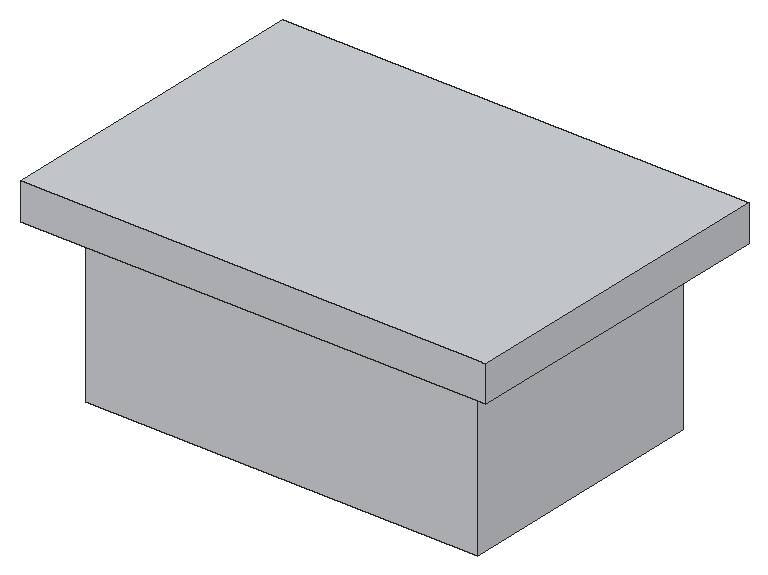
Revit family "dbede5dd11954ca58cc5af8ba793af1c", category Nurse Call Devices, host Face, Revit 2021
Family settings
  Host = Face
  Maintain Annotation Orientation = Yes
  Round Connector Dimension = Use Diameter
  Part Type = Normal
  OmniClass Number = 23.85.30.24.14
  OmniClass Title = Nurse Call Systems
  Seek Item ID = Duty Station-0000-USA-ENU
  Cut with Voids When Loaded = No
  Shared = No
  Room Calculation Point = No
Parameters (values of type "Standard")
  Project = 0' - 0 1/2"
  Label = "ND"
  Default Elevation = 4' - 0"
  Faceplate Width = 0' - 4 1/2"
  Faceplate Material = none
  Faceplate Length = 0' - 6 3/8"
  Faceplate Height = 0' - 2 3/4"
Reference planes (in)
  plane 1 "Center (Front/Back)": y = 0
  plane 2: z = 0
  plane 3 "Center (Left/Right)": x = 0
  plane 4: y = -4.5
  plane 5: x = -3.1875
  plane 6: x = 3.1875
  plane 7: z = 0.5
  plane 8: z = -2.25
  plane 9: x = -2.6875
  plane 10: x = 2.6875
  plane 11: y = -0.5
  plane 12: y = -4
Forms (in)
  Extrusion 1, solid, material <- "Faceplate Material"
    sketch origin (0, 0, 0) x (1, 0, 0) y (0, 1, 0)
      loop
        line (-3.1875, 0) -> (-3.1875, -4.5) -> (3.1875, -4.5) -> (3.1875, 0) -> (-3.1875, 0)
    from 0 to 0.5
  Extrusion 2, solid, material <- "Faceplate Material"
    sketch origin (0, 0, 0) x (1, 0, 0) y (0, 1, 0)
      loop
        line (-2.6875, -0.5) -> (-2.6875, -4) -> (2.6875, -4) -> (2.6875, -0.5) -> (-2.6875, -0.5)
    from -2.25 to 0
Lines and regions (in)
  symbolic lines, detail levels fine
    curve 1: line (3.1875, 0, 0.5) -> (-3.1875, 0, 0.5)
    curve 2: line (-3.1875, 0, 0.5) -> (-3.1875, 0, 0)
    curve 3: line (3.1875, 0, 0) -> (3.1875, 0, 0.5)
    curve 4: line (-3.1875, 0, 0) -> (3.1875, 0, 0)
    curve 5: line (-2.6875, 0, 0) -> (-2.6875, 0, -2.25)
    curve 6: line (2.6875, 0, -2.25) -> (2.6875, 0, 0)
    curve 7: line (-2.6875, 0, -2.25) -> (2.6875, 0, -2.25)
Dimensions and locks (in)
  equal spacing: plane 5, plane 3 "Center (Left/Right)", plane 6
  "Faceplate Length": plane 5 to plane 6
  "Faceplate Width": plane 1 "Center (Front/Back)" to plane 4
  locked: plane 5 to plane 9 at 0.5
  locked: plane 10 to plane 6 at 0.5
  locked: plane 1 "Center (Front/Back)" to plane 11 at 0.5
  locked: plane 12 to plane 4 at 0.5
  "Faceplate Height": plane 7 to plane 8
  "Project": plane 7 to plane 2
  aligned and locked: plane 2 to host face
  aligned and locked: level to host face
  aligned and locked: plane 5 to Extrusion 1 sketch curve
  aligned and locked: plane 1 "Center (Front/Back)" to Extrusion 1 sketch curve
  aligned and locked: plane 4 to Extrusion 1 sketch curve
  aligned and locked: Extrusion 1 sketch curve to plane 6
  aligned and locked: plane 9 to Extrusion 2 sketch curve
  aligned and locked: Extrusion 2 sketch curve to plane 11
  aligned and locked: plane 12 to Extrusion 2 sketch curve
  aligned and locked: Extrusion 2 sketch curve to plane 10
  aligned and locked: Extrusion 2 to plane 8
  aligned and locked: plane 7 to Extrusion 1
  aligned and locked: Extrusion 1 to plane 2
  aligned and locked: plane 2 to Extrusion 2
  aligned and locked: curve 1 to Extrusion 1
  aligned and locked: curve 2 to Extrusion 1
  aligned and locked: curve 3 to Extrusion 1
  aligned and locked: curve 4 to Extrusion 1
  aligned and locked: curve 5 to Extrusion 2
  aligned and locked: curve 6 to Extrusion 2
  aligned and locked: curve 7 to Extrusion 2
  aligned and locked: plane 1 "Center (Front/Back)" to nested 1
  aligned and locked: plane 3 "Center (Left/Right)" to nested 1
Automatic sketch dimensions
  host sketch curve to host sketch curve = 8' - 0"  (x2)
Nested families (in)
  nested 1: "Duty Station Annotation" at (0, 0, 0), type "Duty Station Annotation", detail levels coarse+medium
Connectors (in)
  electrical at (0, -0.5, -1.125)
    settings: on Extrusion 2, index 1, voltage 0 V, apparent load 0 VA, apparent load phase1 0 VA, apparent load phase2 0 VA, apparent load phase3 0 VA, power factor 1, load classification "Other", number of poles 1, system type 12, power factor state 1, is connector primary yes, connector utility no, sub classification motor no, connector description ""
Definition of nested family "Duty Station Annotation"
  Parameters
    Label Annotation = "AIM"
  Reference planes (in)
    plane 1: y = 0
    plane 2: x = 0
  Lines and regions (in)
    reference lines
      curve 1: line (0.125, 0.44323, 0) -> (0.125, -0.22769, 0)
      curve 2: line (-0.125, 0.44323, 0) -> (-0.125, -0.22769, 0)
      curve 3: line (-0.19318, 0.15625, 0) -> (0.77822, 0.15625, 0)
      curve 4: line (-0.19318, 0, 0) -> (0.77822, 0, 0)
    detail lines
      curve 5: line (-0.125, 0.15625, 0) -> (0.125, 0.15625, 0)
      curve 6: line (-0.125, 0, 0) -> (-0.125, 0.15625, 0)
      curve 7: line (0.125, 0, 0) -> (-0.125, 0, 0)
      curve 8: line (0.125, 0.15625, 0) -> (0.125, 0, 0)
  Text (in)
    label "ND" at (-0.09156, 0.07495, 0), shows "Label Annotation"
  Dimensions and locks (in)
    locked: plane 2 to curve 1 at 0.125
    locked: curve 2 to plane 2 at 0.125
    locked: curve 4 to plane 1
    locked: curve 4 to curve 3 at 0.15625
    aligned and locked: curve 3 to curve 5
    aligned and locked: curve 1 to curve 8
    aligned and locked: curve 7 to curve 4
    aligned and locked: curve 6 to curve 2
